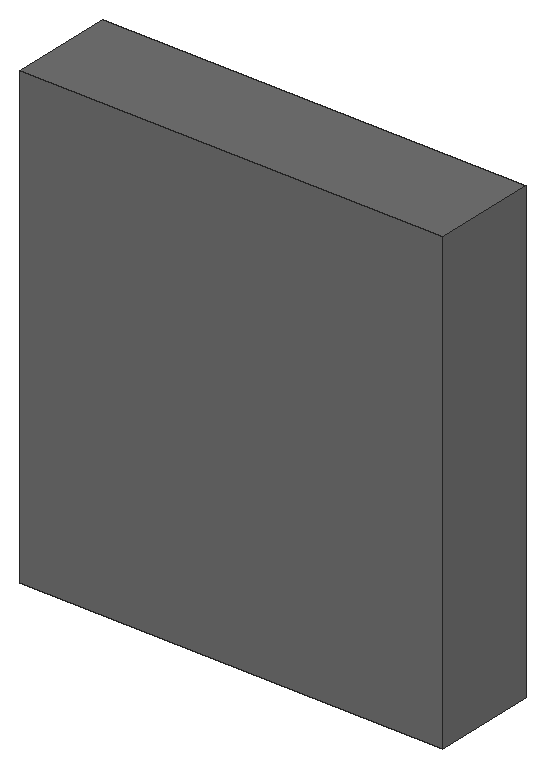
Revit family "HLSPS25 Strømforsyning 24VDC 2.5A", category Electrical Equipment, Revit 2016
Family settings
  Part Type = Other Panel
  Round Connector Dimension = Use Diameter
  OmniClass Number = 23.85.30.21.11
  OmniClass Title = Fire Detection, Monitoring and Alarm
  Work Plane-Based = No
  Always vertical = Yes
  Cut with Voids When Loaded = No
  Shared = No
  Room Calculation Point = No
Parameters (values of type "Strømforsyning")
  Type Comments = "-XG"
  Panel Name [instance] = "542"
  NS8360 = "5422_WB3"
  Manufacturer = "Honeywell"
  Keynote = "WB3"
  CQFontSymboler = ""
  CQ Width = 377 mm
  CQ Voltage = 230 V
  CQ Type tekst synlig = yes
  CQ Type = "24V"
  CQ Depth = 92 mm
  CQ Montering tekst synlig [instance] = no
  CQ Montering [instance] = "Vegg"
  CQ Material = Laminate, Dark Grey
  CQ Symbol Positive Direction [instance] = yes
  CQ Symbol Offset Side [instance] = 0 mm
  CQ Symbol Offset Out [instance] = 0 mm
  CQ Height = 408 mm
  CQ Font = 0 mm
  CQ Display = Laminate, Grey
  Assembly Code = "5422"
Reference planes
  plane 1 "Center (Front/Back)": y = 0
  plane 2: z = 0
  plane 3 "Center (Left/Right)": x = 0
  plane 4: z = 204
  plane 5: z = -204
  plane 6: x = -188.5
  plane 7: x = 188.5
  plane 8 "Front": y = 92
  plane 9: z = 144
  plane 10: y = 93
  plane 11: x = 148.5
Forms (mm)
  Extrusion 1, solid, material "Laminate, Dark Grey" <- "CQ Material"
    sketch origin (0, -130, 0) x (-1, 0, 0) y (0, 0, 1)
      loop
        line (188.5, 204) -> (-188.5, 204) -> (-188.5, -204) -> (188.5, -204) -> (188.5, 204)
    from 130 to 222
  Extrusion 2, solid, material "Laminate, Grey" <- "CQ Display"
    sketch origin (-30, 182, 0) x (-1, 0, 0) y (0, 0, 1)
      loop
        line (-78.5, 144) -> (-178.5, 144) -> (-178.5, 84) -> (-78.5, 84) -> (-78.5, 144)
    from -90 to -89
Lines and regions (mm)
  model lines, style "InvisibleLines"
    curve 1: line (0, 0, 0) -> (0, 0, 5)
  symbolic lines, style "InvisibleLines"
    curve 2: line (0, 92, 0) -> (0, 92, 629)
    curve 3: line (-188.5, 92, 0) -> (188.5, 92, 0)
    curve 4: line (188.5, 92, 0) -> (188.5, 0, 0)
    curve 5: line (-188.5, 0, 0) -> (-188.5, 92, 0)
Dimensions and locks
  equal spacing: plane 7, plane 3 "Center (Left/Right)", plane 6
  "CQ Width": plane 7 to plane 6
  equal spacing: plane 4, level, plane 5
  "CQ Height": plane 4 to plane 5
  "CQ Depth": plane 8 "Front" to plane 1 "Center (Front/Back)"
  plane 4 to plane 9 = 60 mm
  locked: plane 10 to plane 8 "Front" at 1
  locked: plane 7 to plane 11 at 40
  locked: plane 11 to Extrusion 2 sketch curve at 100
  locked: plane 9 to Extrusion 2 sketch curve at 60
  aligned and locked: level to plane 2
  aligned and locked: plane 3 "Center (Left/Right)" to nested 1
  aligned and locked: plane 1 "Center (Front/Back)" to nested 1
  aligned and locked: Extrusion 1 sketch curve to plane 6
  aligned and locked: Extrusion 1 sketch curve to plane 5
  aligned and locked: plane 7 to Extrusion 1 sketch curve
  aligned and locked: plane 8 "Front" to Extrusion 1
  aligned and locked: plane 1 "Center (Front/Back)" to Extrusion 1
  aligned and locked: plane 3 "Center (Left/Right)" to curve 2
  aligned and locked: level to curve 2
  aligned and locked: curve 3 to plane 8 "Front"
  aligned and locked: plane 7 to Extrusion 1
  aligned and locked: Extrusion 1 to plane 6
  aligned and locked: Extrusion 2 to plane 8 "Front"
  aligned and locked: plane 10 to Extrusion 2
  aligned and locked: plane 9 to Extrusion 2
  aligned and locked: plane 11 to Extrusion 2
Automatic sketch dimensions
  curve 1 to plane 3 "Center (Left/Right)" = 0 mm
  curve 1 to level = 0 mm
  level to curve 1 = 5 mm
  curve 5 to plane 6 = 0 mm
  plane 1 "Center (Front/Back)" to curve 4 = 0 mm
  curve 4 to plane 7 = 0 mm
  plane 1 "Center (Front/Back)" to curve 5 = 0 mm
  Extrusion 1 sketch curve to plane 4 = 0 mm
  plane 4 to curve 2 = 425 mm
  Extrusion 2 sketch curve to plane 9 = 0 mm
  Extrusion 2 sketch curve to plane 7 = 40 mm
Nested families
  nested 1: "Brannalarmsentral Symbol" at (0, 0, 0), type "Type 1"
Connectors
  electrical at (0, 0, 0), driven by "CQ Voltage"
    settings: index 1, voltage 230 V, apparent load 0 VA, apparent load phase1 0 VA, apparent load phase2 0 VA, apparent load phase3 0 VA, power factor 1, load classification "Other", number of poles 1, system type 31, power factor state 1, is connector primary yes, connector utility no, sub classification motor no, connector description ""
  electrical at (0, 0, 0)
    settings: index 2, voltage 0 V, apparent load 0 VA, apparent load phase1 0 VA, apparent load phase2 0 VA, apparent load phase3 0 VA, power factor 1, load classification "Other", number of poles 1, system type 11, power factor state 1, is connector primary no, connector utility no, sub classification motor no, connector description ""
Definition of nested family "Brannalarmsentral Symbol"
  Parameters (values of type "Type 1")
    Type tekst synlig = yes
    Type = "BS"
    Montering tekst synlig = no
    Montering = "Vegg"
    CQ Symbol Positive Direction = yes
    CQ Symbol Negative Direction = not(CQ Symbol Positive Direction)  # no
    CQ Symbol Offset Side = 0 mm
    CQ Symbol Offset Out = 0 mm
  Reference planes
    plane 1: y = 0
    plane 2: x = 0
  Dimensions and locks
    "CQ Symbol Offset Side": nested 2 to plane 2
    "CQ Symbol Offset Side": plane 2 to nested 1
    "CQ Symbol Offset Out": plane 1 to nested 1
    "CQ Symbol Offset Out": plane 1 to nested 2
  Nested families
    nested 1: "Brannalarmsentral" at (0, 0, 0), visible <- "CQ Symbol Positive Direction", type "Type1"
    nested 2: "Brannalarmsentral" at (0, 0, 0), visible <- "CQ Symbol Negative Direction", type "Type1"
  Definition of nested family "Brannalarmsentral"
    Parameters (values of type "Type1")
      Type tekst synlig = yes
      Type = "BS"
      Montering tekst synlig = no
      Montering = "Vegg"
    Reference planes
      plane 1: y = 0
      plane 2: x = 0
    Lines and regions (mm)
      detail lines
        curve 1: line (-2.5, 2, 0) -> (2.5, 2, 0)
        curve 2: line (2.5, 2, 0) -> (2.5, 7, 0)
        curve 3: line (2.5, 7, 0) -> (-2.5, 7, 0)
        curve 4: line (-2.5, 7, 0) -> (-2.5, 2, 0)
        curve 5: circle (-1.25, 3, 0) r 0.25 normal (0, 0, 1)
        curve 6: line (-1.25, 3.75, 0) -> (-1, 6, 0)
        curve 7: arc (-1, 6, 0) -> (-1.25, 6.25, 0) -> (-1.5, 6, 0) r 0.25
        curve 8: line (-1.5, 6, 0) -> (-1.25, 3.75, 0)
        curve 9: line (-1.25, 5, 0) -> (-1.25, 6, 0)
      detail lines, visible <- "Type tekst synlig"
        curve 10: line (-2.5, 0, 0) -> (2.5, 0, 0)
        curve 11: line (-2.5, 0, 0) -> (-2.5, 2, 0)
        curve 12: line (2.5, 0, 0) -> (2.5, 2, 0)
    Nested families
      nested 1: "txt 1_50" at (3.379, 6.924, 0), visible <- "Montering tekst synlig", Type Name <- "Montering", type "txt"
        with Type Name "Vegg"
      nested 2: "txt 1_50" at (-1.949, 0.863, 0), visible <- "Type tekst synlig", Type Name <- "Type", type "txt"
        with Type Name "BS"
    Definition of nested family "txt 1_50"
      Parameters (values of type "txt")
        Type Name [instance] = "HIM"
      Reference planes
        plane 1: y = 0
        plane 2: x = 0
      Text (mm)
        label "TXT" at (1.952, 0, 0), shows "Type Name"
